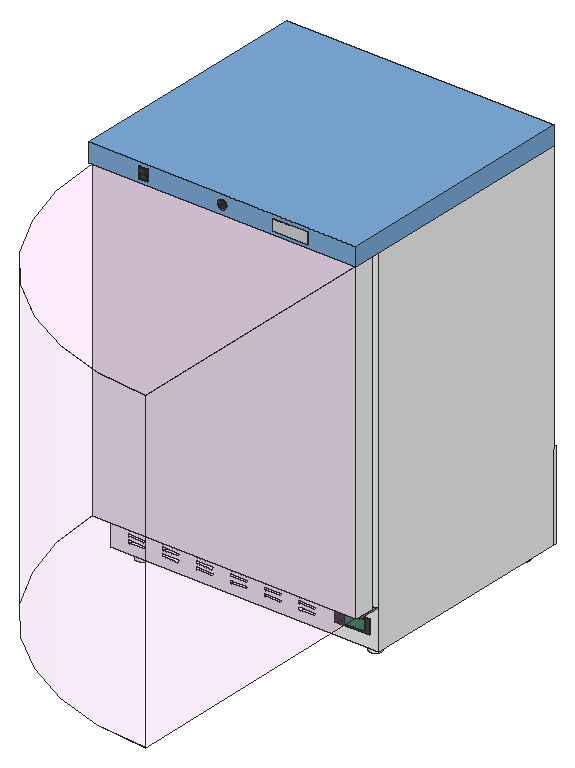
Revit family "QF_Summit_ACR51W_24_Wide_Built-In_Healthcare_Refrigerator", category Specialty Equipment, Revit 2020
Family settings
  Round Connector Dimension = Use Diameter
  Part Type = Normal
  Work Plane-Based = No
  Always vertical = Yes
  Cut with Voids When Loaded = No
  Shared = No
  Room Calculation Point = No
Parameters
  Weight in Pounds = 81.6
  Watts = Volts * FL Amps  # 230 W
  Volts = 115 V
  URL Cutsheet = ""
  Specification by User = ""
  Specification by Manufacturer = ""
  Show Right Hand Door [instance] = yes
  Show Left Hand Door [instance] = not(Show Right Hand Door)  # no
  Show Clearance [instance] = yes
  Serial Number = ""
  Seismic Rating = ""
  SMACNA No = ""
  Revision Code = ""
  Refrigerant Type = "R600a"
  Phase = 1
  Number of Poles = 1
  NAFEM Spec ID Number = ""
  Model = "ACR51W"
  Min Ckt Ampacity = 0 A
  Max Overcurrent Protection = 0 A
  Masterspec = ""
  Manufacturer = "Summit"
  Length = 23 1/2"
  Item Number = ""
  Installed By = ""
  Identify Quantity as Lot = yes
  Height = 34"
  HP = ""
  Furnished By = ""
  Foodservice Equipment Identifier = yes
  FL Amps = 2 A
  Electrical Remarks = ""
  Electric Connection Type = ""
  Elec Conn RI Height = 0"
  Elec Conn Connection Height = 0"
  Description = "24\" Wide Built-In Healthcare Refrigerator"
  Depth = 21.88"
  Default Elevation = 0"
  Cycle = 60 Hz
  Conn Plug = ""
  Conn Conduit = yes
  CSI MasterFormat = ""
  Apparent Power = 0 VA
Reference planes (in)
  plane 1 "BACK": y = 0
  plane 2: z = 0
  plane 3 "LEFT": x = 0
  plane 4 "RIGHT": x = 23.5
  plane 5 "FRONT": y = -21.88
  plane 6 "TOP": z = 34
  plane 7 "Center Y": x = 11.75
  plane 8 "Center X": y = -10.94
  plane 9: z = 1
Forms (in)
  Revolve 1, solid, material "QF_Metallic_Paint_White_Smooth"
    sketch origin (0, -1.5, 0) x (0, 0, -1) y (1, 0, 0)
      loop
        line (-1, 1.5) -> (-1, 1) -> (0, 1) -> (0, 1.5) -> (-1, 1.5)
      axis (-1, 1.5) -> (0, 1.5)
    angle from 0 to 360
  Revolve 2, solid, material "QF_Metallic_Paint_White_Smooth"
    sketch origin (0, -17.875, 0) x (0, 0, -1) y (-1, 0, 0)
      loop
        line (-1, -1.5) -> (0, -1.5) -> (0, -1) -> (-1, -1) -> (-1, -1.5)
      axis (-1, -1.5) -> (0, -1.5)
    angle from 0 to 360
  Revolve 3, solid, material "QF_Metallic_Paint_White_Smooth"
    sketch origin (18.75, -1.5, 0) x (0, 0, -1) y (1, 0, 0)
      loop
        line (-1, 3.25) -> (0, 3.25) -> (0, 3.75) -> (-1, 3.75) -> (-1, 3.25)
      axis (-1, 3.25) -> (0, 3.25)
    angle from 0 to 360
  Extrusion 4, solid, material "QF_Metallic_Paint_Black_Smooth"
    sketch origin (23.5, -21.875, 34) x (-1, 0, 0) y (0, 0, -1)
      loop
        line (19, 0.3125) -> (19, 1.3125) -> (18.25, 1.3125) -> (18.25, 0.3125) -> (19, 0.3125)
      loop
        line (18.9375, 1.25) -> (18.3125, 1.25) -> (18.3125, 0.375) -> (18.9375, 0.375) -> (18.9375, 1.25)
    from 0 to 0.06944
  Extrusion 5, solid, material "QF_Metal_Stainless_Polished"
    sketch origin (25.875, -21.875, 34.375) x (-1, 0, 0) y (0, 0, -1)
      loop
        circle (14.125, 1.1875) r 0.375
      loop
        circle (14.125, 1.1875) r 0.33622
    from 0 to 0.03125
  Extrusion 6, solid, material "QF_Metallic_Paint_Black_Smooth"
    sketch origin (25.875, -21.875, 34.375) x (-1, 0, 0) y (0, 0, -1)
      loop
        circle (14.125, 1.1875) r 0.33622
      loop
        circle (14.125, 1.1875) r 0.07983
    from 0 to 0.03125
  Extrusion 7, solid, material "QF_Metallic_Paint_Black_Smooth"
    sketch origin (4.5625, -21.875, 32.25) x (0, 0, 1) y (0, -1, 0)
      loop
        arc (1.375, 0.12309) -> (1.36283, 0.15087) -> (1.33417, 0.16076) r 0.03779
        line (1.33417, 0.16076) -> (0.94703, 0.12948)
        arc (0.94703, 0.12948) -> (0.94158, 0.11472) -> (0.92712, 0.10851) r 0.01994
        line (0.92712, 0.10851) -> (0.53125, 0.10851)
        arc (0.53125, 0.10851) -> (0.50915, 0.09935) -> (0.5, 0.07726) r 0.03125
        line (0.5, 0.07726) -> (0.5, 0) -> (1.375, 0) -> (1.375, 0.12309)
    from 0 to 0.625
  Revolve 8, solid, material "QF_Metallic_Paint_White_Smooth"
    sketch origin (18.75, -17.875, 0) x (0, 0, -1) y (-1, 0, 0)
      loop
        line (-1, -3.25) -> (-1, -3.75) -> (0, -3.75) -> (0, -3.25) -> (-1, -3.25)
      axis (-1, -3.25) -> (0, -3.25)
    angle from 0 to 360
  Extrusion 9, solid, material "QF_Metal_Stainless_Polished"
    sketch origin (25.875, -21.875, 34.375) x (-1, 0, 0) y (0, 0, -1)
      loop
        circle (14.125, 1.1875) r 0.07983
    from 0 to 0.03125
  Extrusion 10, solid, material "QF_Plastic_Light_Blue_Smooth"
    sketch origin (-38.39759, -180, 34) x (-1, 0, 0) y (0, -1, 0)
      loop
        line (-38.39759, -158.12) -> (-61.89759, -158.12) -> (-61.89759, -179.875) -> (-38.39759, -179.875) -> (-38.39759, -158.12)
    from 0 to -1.625
  Extrusion 11, solid
    sketch origin (0, -21.88, 35.625) x (1, 0, 0) y (0, 0, 1)
      loop
        line (16.25, -1.9375) -> (16.25, -2.9375) -> (19.25, -2.9375) -> (19.25, -1.9375) -> (16.25, -1.9375)
    from 0 to 0.03125
  Extrusion 12, solid, material "QF_Plastic_White_Smooth"
    sketch origin (0, 0, 0) x (0, 1, 0) y (0, 0, 1)
      loop
        line (-19.38, 32.375) -> (-19.38, 1) -> (-0.125, 1) -> (-0.125, 32.375) -> (-19.38, 32.375)
    from 0 to 23.5
  Extrusion 13, void
    sketch origin (0, -19.38, 1) x (0, 0, -1) y (-1, 0, 0)
      loop
        arc (-2.631, -2.875) -> (-2.506, -3) -> (-2.381, -2.875) r 0.125
        line (-2.381, -2.875) -> (-2.381, -1.625)
        arc (-2.381, -1.625) -> (-2.506, -1.5) -> (-2.631, -1.625) r 0.125
        line (-2.631, -1.625) -> (-2.631, -2.875)
      loop
        arc (-2.127, -2.875) -> (-2.002, -3) -> (-1.877, -2.875) r 0.125
        line (-1.877, -2.875) -> (-1.877, -1.625)
        arc (-1.877, -1.625) -> (-2.002, -1.5) -> (-2.127, -1.625) r 0.125
        line (-2.127, -1.625) -> (-2.127, -2.875)
      loop
        arc (-1.623, -2.875) -> (-1.498, -3) -> (-1.373, -2.875) r 0.125
        line (-1.373, -2.875) -> (-1.373, -1.625)
        arc (-1.373, -1.625) -> (-1.498, -1.5) -> (-1.623, -1.625) r 0.125
        line (-1.623, -1.625) -> (-1.623, -2.875)
      loop
        arc (-1.121, -2.875) -> (-0.996, -3) -> (-0.871, -2.875) r 0.125
        line (-0.871, -2.875) -> (-0.871, -1.625)
        arc (-0.871, -1.625) -> (-0.996, -1.5) -> (-1.121, -1.625) r 0.125
        line (-1.121, -1.625) -> (-1.121, -2.875)
      loop
        arc (-2.631, -5.875) -> (-2.506, -6) -> (-2.381, -5.875) r 0.125
        line (-2.381, -5.875) -> (-2.381, -4.625)
        arc (-2.381, -4.625) -> (-2.506, -4.5) -> (-2.631, -4.625) r 0.125
        line (-2.631, -4.625) -> (-2.631, -5.875)
      loop
        arc (-2.127, -5.875) -> (-2.002, -6) -> (-1.877, -5.875) r 0.125
        line (-1.877, -5.875) -> (-1.877, -4.625)
        arc (-1.877, -4.625) -> (-2.002, -4.5) -> (-2.127, -4.625) r 0.125
        line (-2.127, -4.625) -> (-2.127, -5.875)
      loop
        arc (-1.623, -5.875) -> (-1.498, -6) -> (-1.373, -5.875) r 0.125
        line (-1.373, -5.875) -> (-1.373, -4.625)
        arc (-1.373, -4.625) -> (-1.498, -4.5) -> (-1.623, -4.625) r 0.125
        line (-1.623, -4.625) -> (-1.623, -5.875)
      loop
        arc (-1.121, -5.875) -> (-0.996, -6) -> (-0.871, -5.875) r 0.125
        line (-0.871, -5.875) -> (-0.871, -4.625)
        arc (-0.871, -4.625) -> (-0.996, -4.5) -> (-1.121, -4.625) r 0.125
        line (-1.121, -4.625) -> (-1.121, -5.875)
      loop
        arc (-2.631, -8.875) -> (-2.506, -9) -> (-2.381, -8.875) r 0.125
        line (-2.381, -8.875) -> (-2.381, -7.625)
        arc (-2.381, -7.625) -> (-2.506, -7.5) -> (-2.631, -7.625) r 0.125
        line (-2.631, -7.625) -> (-2.631, -8.875)
      loop
        arc (-2.127, -8.875) -> (-2.002, -9) -> (-1.877, -8.875) r 0.125
        line (-1.877, -8.875) -> (-1.877, -7.625)
        arc (-1.877, -7.625) -> (-2.002, -7.5) -> (-2.127, -7.625) r 0.125
        line (-2.127, -7.625) -> (-2.127, -8.875)
      loop
        arc (-1.623, -8.875) -> (-1.498, -9) -> (-1.373, -8.875) r 0.125
        line (-1.373, -8.875) -> (-1.373, -7.625)
        arc (-1.373, -7.625) -> (-1.498, -7.5) -> (-1.623, -7.625) r 0.125
        line (-1.623, -7.625) -> (-1.623, -8.875)
      loop
        arc (-1.121, -8.875) -> (-0.996, -9) -> (-0.871, -8.875) r 0.125
        line (-0.871, -8.875) -> (-0.871, -7.625)
        arc (-0.871, -7.625) -> (-0.996, -7.5) -> (-1.121, -7.625) r 0.125
        line (-1.121, -7.625) -> (-1.121, -8.875)
      loop
        arc (-2.631, -11.875) -> (-2.506, -12) -> (-2.381, -11.875) r 0.125
        line (-2.381, -11.875) -> (-2.381, -10.625)
        arc (-2.381, -10.625) -> (-2.506, -10.5) -> (-2.631, -10.625) r 0.125
        line (-2.631, -10.625) -> (-2.631, -11.875)
      loop
        arc (-2.127, -11.875) -> (-2.002, -12) -> (-1.877, -11.875) r 0.125
        line (-1.877, -11.875) -> (-1.877, -10.625)
        arc (-1.877, -10.625) -> (-2.002, -10.5) -> (-2.127, -10.625) r 0.125
        line (-2.127, -10.625) -> (-2.127, -11.875)
      loop
        arc (-1.623, -11.875) -> (-1.498, -12) -> (-1.373, -11.875) r 0.125
        line (-1.373, -11.875) -> (-1.373, -10.625)
        arc (-1.373, -10.625) -> (-1.498, -10.5) -> (-1.623, -10.625) r 0.125
        line (-1.623, -10.625) -> (-1.623, -11.875)
      loop
        arc (-1.121, -11.875) -> (-0.996, -12) -> (-0.871, -11.875) r 0.125
        line (-0.871, -11.875) -> (-0.871, -10.625)
        arc (-0.871, -10.625) -> (-0.996, -10.5) -> (-1.121, -10.625) r 0.125
        line (-1.121, -10.625) -> (-1.121, -11.875)
      loop
        arc (-2.631, -14.875) -> (-2.506, -15) -> (-2.381, -14.875) r 0.125
        line (-2.381, -14.875) -> (-2.381, -13.625)
        arc (-2.381, -13.625) -> (-2.506, -13.5) -> (-2.631, -13.625) r 0.125
        line (-2.631, -13.625) -> (-2.631, -14.875)
      loop
        arc (-2.127, -14.875) -> (-2.002, -15) -> (-1.877, -14.875) r 0.125
        line (-1.877, -14.875) -> (-1.877, -13.625)
        arc (-1.877, -13.625) -> (-2.002, -13.5) -> (-2.127, -13.625) r 0.125
        line (-2.127, -13.625) -> (-2.127, -14.875)
      loop
        arc (-1.623, -14.875) -> (-1.498, -15) -> (-1.373, -14.875) r 0.125
        line (-1.373, -14.875) -> (-1.373, -13.625)
        arc (-1.373, -13.625) -> (-1.498, -13.5) -> (-1.623, -13.625) r 0.125
        line (-1.623, -13.625) -> (-1.623, -14.875)
      loop
        arc (-1.121, -14.875) -> (-0.996, -15) -> (-0.871, -14.875) r 0.125
        line (-0.871, -14.875) -> (-0.871, -13.625)
        arc (-0.871, -13.625) -> (-0.996, -13.5) -> (-1.121, -13.625) r 0.125
        line (-1.121, -13.625) -> (-1.121, -14.875)
      loop
        arc (-2.631, -17.875) -> (-2.506, -18) -> (-2.381, -17.875) r 0.125
        line (-2.381, -17.875) -> (-2.381, -16.625)
        arc (-2.381, -16.625) -> (-2.506, -16.5) -> (-2.631, -16.625) r 0.125
        line (-2.631, -16.625) -> (-2.631, -17.875)
      loop
        arc (-2.127, -17.875) -> (-2.002, -18) -> (-1.877, -17.875) r 0.125
        line (-1.877, -17.875) -> (-1.877, -16.625)
        arc (-1.877, -16.625) -> (-2.002, -16.5) -> (-2.127, -16.625) r 0.125
        line (-2.127, -16.625) -> (-2.127, -17.875)
      loop
        arc (-1.623, -17.875) -> (-1.498, -18) -> (-1.373, -17.875) r 0.125
        line (-1.373, -17.875) -> (-1.373, -16.625)
        arc (-1.373, -16.625) -> (-1.498, -16.5) -> (-1.623, -16.625) r 0.125
        line (-1.623, -16.625) -> (-1.623, -17.875)
      loop
        arc (-1.121, -17.875) -> (-0.996, -18) -> (-0.871, -17.875) r 0.125
        line (-0.871, -17.875) -> (-0.871, -16.625)
        arc (-0.871, -16.625) -> (-0.996, -16.5) -> (-1.121, -16.625) r 0.125
        line (-1.121, -16.625) -> (-1.121, -17.875)
    from 0 to 0.35785
  Extrusion 14, solid, material "QF_Plastic_White_Smooth"
    sketch origin (0, -19.875, 5) x (1, 0, 0) y (0, -1, 0)
      loop
        line (0.625, 0.005) -> (0.625, -0.495) -> (22.875, -0.495) -> (22.875, 0.005) -> (0.625, 0.005)
    from 0 to -26.75
  Extrusion 15, solid, material "QF_Plastic_White_Smooth"
    sketch origin (0, 0, 0) x (0, 1, 0) y (0, 0, 1)
      loop
        line (-0.125, 8.75) -> (-0.125, 1) -> (0, 1) -> (0, 8.75) -> (-0.125, 8.75)
    from 0 to 23.5
  Extrusion 16, solid, material "QF_Metallic_Paint_Black_Smooth"
    sketch origin (0, -19.38, 1) x (0, 0, 1) y (-1, 0, 0)
      loop
        line (2.32145, -19.70156) -> (1.07145, -19.70156) -> (1.07145, -22.70156) -> (2.32145, -22.70156) -> (2.32145, -19.70156)
    from 0 to 0.03125
  Extrusion 17, solid, material "QF_Plastic_Kentucky_Green"
    sketch origin (0, -19.41125, 1) x (0, 0, 1) y (-1, 0, 0)
      loop
        line (2.16734, -20.52786) -> (1.24436, -20.52786) -> (1.24436, -22.27786) -> (2.16734, -22.27786) -> (2.16734, -20.52786)
    from 0 to 0.03125
  Extrusion 18, solid, material "QF_Metal_Stainless_Polished"
    sketch origin (0, 0, 8.75) x (0, 0, -1) y (-1, 0, 0)
      loop
        circle (6.82735, -22.41558) r 0.25
    from 0 to 0.03125
Cuts and joins
  Extrusion 13 cuts Extrusion 12
Lines and regions (in)
  Split face 1
    outline origin (0, -21.91125, 35.625) x (1, 0, 0) y (0, 0, 1)
      loop
        line (17.42277, -2.10605) -> (17.42277, -2.76006) -> (18.73726, -2.76006) -> (18.73726, -2.10605) -> (17.42277, -2.10605)
  model lines, style "DRW1"
    curve 1: line (0, -21.88, 32.375) -> (0, -21.88, 34)
  symbolic lines
    curve 2: line (0, 0, 0) -> (23.5, 0, 0)
    curve 3: line (0, -21.88, 0) -> (0, 0, 0)
    curve 4: line (23.5, 0, 0) -> (23.5, -21.88, 0)
    curve 5: line (23.5, -0.125, 0) -> (0, -0.125, 0)
    curve 6: line (4.5, -21.88, 0) -> (4.5, -21.94444, 0)
    curve 7: line (4.5, -21.94444, 0) -> (5.25, -21.94444, 0)
    curve 8: line (4.5625, -22.03589, 0) -> (4.5625, -21.94444, 0)
    curve 9: line (4.5625, -22.03589, 0) -> (5.1875, -22.03589, 0)
    curve 10: line (5.1875, -21.94444, 0) -> (5.1875, -22.03589, 0)
    curve 11: line (5.25, -21.94444, 0) -> (5.25, -21.88, 0)
    curve 12: line (11.375, -21.90625, 0) -> (11.375, -21.88, 0)
    curve 13: line (11.375, -21.90625, 0) -> (12.125, -21.90625, 0)
    curve 14: line (12.125, -21.90625, 0) -> (12.125, -21.88, 0)
    curve 15: line (23.5, -21.88, 0) -> (0, -21.88, 0)
    curve 16: line (16.25, -21.88, 0) -> (16.25, -21.91125, 0)
    curve 17: line (16.25, -21.91125, 0) -> (19.25, -21.91125, 0)
    curve 18: line (19.25, -21.91125, 0) -> (19.25, -21.88, 0)
Dimensions and locks (in)
  equal spacing: plane 3 "LEFT", plane 7 "Center Y", plane 4 "RIGHT"
  "Length": plane 3 "LEFT" to plane 4 "RIGHT"
  equal spacing: plane 5 "FRONT", plane 8 "Center X", plane 1 "BACK"
  "Depth": plane 5 "FRONT" to plane 1 "BACK"
  "Height": plane 6 "TOP" to level
  aligned and locked: level to plane 2
Automatic sketch dimensions
  curve 1 to plane 5 "FRONT" = 0"
  curve 1 to plane 6 "TOP" = 0"
  curve 1 to curve 1 = 1 5/8"
  Revolve 1 sketch curve to plane 9 = 0"  (x2)
  Revolve 1 sketch curve to level = 0"
  plane 3 "LEFT" to Revolve 1 sketch curve = 1"
  Revolve 1 sketch curve to Revolve 1 sketch curve = 1/2"
  Revolve 1 sketch curve to Revolve 1 sketch curve = 1/4"
  Revolve 1 sketch curve to Revolve 1 sketch curve = 0"
  Revolve 2 sketch curve to plane 9 = 0"  (x2)
  Revolve 2 sketch curve to level = 0"
  plane 3 "LEFT" to Revolve 2 sketch curve = 1 1/2"
  Revolve 2 sketch curve to Revolve 2 sketch curve = 1/2"
  Revolve 2 sketch curve to Revolve 2 sketch curve = 1/4"
  Revolve 2 sketch curve to Revolve 2 sketch curve = 0"
  Revolve 3 sketch curve to plane 9 = 0"  (x2)
  Revolve 3 sketch curve to level = 0"
  Revolve 3 sketch curve to plane 9 = 1/4"
  Revolve 3 sketch curve to Revolve 3 sketch curve = 0"
  Extrusion 4 sketch curve to plane 6 "TOP" = 5/16"
  plane 3 "LEFT" to Extrusion 4 sketch curve = 5 1/4"
  Extrusion 4 sketch curve to Extrusion 4 sketch curve = 1/16"  (x4)
  Extrusion 4 sketch curve to Extrusion 4 sketch curve = 5/8"
  Extrusion 4 sketch curve to Extrusion 4 sketch curve = 7/8"
  Extrusion 5 sketch curve to Extrusion 5 sketch curve = 0"  (x2)
  Extrusion 5 sketch curve to plane 7 "Center Y" = 0"
  Extrusion 5 sketch curve to plane 6 "TOP" = 13/16"
  Extrusion 6 sketch curve to Extrusion 6 sketch curve = 0"  (x2)
  Extrusion 6 sketch curve to plane 7 "Center Y" = 0"
  Extrusion 6 sketch curve to plane 6 "TOP" = 13/16"
  Extrusion 7 sketch curve to Extrusion 4 = 0"  (x2)
  Extrusion 4 to Extrusion 7 sketch curve = 0"
  Extrusion 4 to Extrusion 7 sketch curve = 1/32"
  Extrusion 7 sketch curve to Extrusion 4 = 0.059"
  Extrusion 7 sketch curve to Extrusion 7 sketch curve = 0.39587"
  Extrusion 7 sketch curve to Extrusion 4 = 0.06004"
  Extrusion 7 sketch curve to Extrusion 7 sketch curve = 0.01991"
  Extrusion 4 to Extrusion 7 sketch curve = 0.04083"
  Extrusion 7 sketch curve to Extrusion 7 sketch curve = 0.00304"
  Extrusion 7 sketch curve to Extrusion 4 = 0.05365"
  Revolve 8 sketch curve to plane 9 = 0"  (x2)
  Revolve 8 sketch curve to level = 0"
  Revolve 8 sketch curve to Revolve 8 sketch curve = 1/4"
  Revolve 8 sketch curve to Revolve 8 sketch curve = 0"
  Extrusion 9 sketch curve to plane 7 "Center Y" = 0"
  Extrusion 9 sketch curve to plane 6 "TOP" = 13/16"
  Extrusion 10 sketch curve to plane 4 "RIGHT" = 0"
  Extrusion 10 sketch curve to plane 3 "LEFT" = 0"
  plane 5 "FRONT" to Extrusion 10 sketch curve = 0"
  plane 1 "BACK" to Extrusion 10 sketch curve = 1/8"
  Extrusion 10 to Extrusion 11 sketch curve = 5/16"  (x2)
  Extrusion 10 to Extrusion 11 sketch curve = 7 1/4"
  Extrusion 11 sketch curve to Extrusion 11 sketch curve = 3"
  Extrusion 12 sketch curve to plane 9 = 0"
  Extrusion 12 sketch curve to plane 5 "FRONT" = 2 1/2"
  plane 1 "BACK" to Extrusion 12 sketch curve = 1/8"
  Extrusion 12 sketch curve to plane 6 "TOP" = 1 5/8"
  Extrusion 12 to Extrusion 13 sketch curve = 2.631"  (x5)
  Extrusion 13 sketch curve to Extrusion 13 sketch curve = 0"  (x37)
  Extrusion 13 sketch curve to Extrusion 13 sketch curve = 1/8"  (x24)
  Extrusion 13 sketch curve to Extrusion 13 sketch curve = 0.254"  (x12)
  Extrusion 13 sketch curve to Extrusion 13 sketch curve = 0.252"  (x6)
  Extrusion 13 sketch curve to Extrusion 12 = 5 5/8"
  Extrusion 13 sketch curve to Extrusion 13 sketch curve = 1 1/4"  (x6)
  Extrusion 13 sketch curve to Extrusion 13 sketch curve = 1 3/4"  (x5)
  plane 3 "LEFT" to Extrusion 14 sketch curve = 5/8"
  Extrusion 14 sketch curve to plane 5 "FRONT" = 2"
  Extrusion 14 sketch curve to Extrusion 14 sketch curve = 1/2"
  Extrusion 15 sketch curve to plane 9 = 0"
  Extrusion 15 sketch curve to plane 1 "BACK" = 0"
  Extrusion 15 sketch curve to Extrusion 15 sketch curve = 1/8"
  Extrusion 15 sketch curve to Extrusion 15 sketch curve = 7 3/4"
  Split face 1 sketch curve to Extrusion 11 = 0.17744"
  Split face 1 sketch curve to Extrusion 11 = 1.17277"
  Split face 1 sketch curve to Extrusion 11 = 0.16855"
  Split face 1 sketch curve to Extrusion 11 = 0.51274"
  Extrusion 16 sketch curve to Extrusion 12 = 1.07145"
  Extrusion 16 sketch curve to Extrusion 16 sketch curve = 1 1/4"
  Extrusion 12 to Extrusion 16 sketch curve = 0.79844"
  Extrusion 16 sketch curve to Extrusion 16 sketch curve = 3"
  Extrusion 17 sketch curve to Extrusion 16 = 0.17291"
  Extrusion 17 sketch curve to Extrusion 16 = 0.15411"
  Extrusion 17 sketch curve to Extrusion 16 = 0.4237"
  Extrusion 17 sketch curve to Extrusion 16 = 0.8263"
  Extrusion 15 to Extrusion 18 sketch curve = 0.92265"
  Extrusion 15 to Extrusion 18 sketch curve = 1.08442"
  plane 4 "RIGHT" to Revolve 3 sketch curve = 1 1/2"
  Revolve 3 sketch curve to Revolve 3 sketch curve = 1/2"
  plane 4 "RIGHT" to Revolve 8 sketch curve = 1"
  Revolve 8 sketch curve to Revolve 8 sketch curve = 1/2"
  plane 4 "RIGHT" to Extrusion 14 sketch curve = 5/8"
  plane 1 "BACK" to curve 2 = 0"
  curve 2 to plane 3 "LEFT" = 0"
  plane 5 "FRONT" to curve 6 = 0"
  curve 5 to plane 4 "RIGHT" = 0"
  plane 5 "FRONT" to curve 7 = 0.06444"
  plane 3 "LEFT" to curve 7 = 4 1/2"
  curve 6 to curve 9 = 1/16"
  plane 5 "FRONT" to curve 9 = 0.15589"
  curve 8 to curve 9 = 5/8"
  curve 10 to curve 7 = 1/16"
  plane 5 "FRONT" to curve 12 = 0.02625"
  curve 12 to plane 7 "Center Y" = 3/8"
  plane 7 "Center Y" to curve 14 = 3/8"
  plane 5 "FRONT" to curve 16 = 1/32"
  curve 13 to curve 16 = 4 1/8"
  curve 16 to curve 17 = 3"
  plane 1 "BACK" to curve 5 = 1/8"
  radius of Extrusion 5 sketch curve = 3/8"
  radius of Extrusion 5 sketch curve = 0.33622"
  radius of Extrusion 6 sketch curve = 0.33622"
  radius of Extrusion 6 sketch curve = 0.07983"
  radius of Extrusion 9 sketch curve = 0.07983"
  radius of Extrusion 18 sketch curve = 1/4"
Nested families (in)
  nested 1: "RHD AND LHD" at (0.125, -19.875, 2.4975), Show Clearance <- "Show Clearance", Show Left Hand Door <- "Show Left Hand Door", Show Right Hand Door <- "Show Right Hand Door", type "RHD AND LHD"
    with Show Right Hand Door yes, Show Left Hand Door no, Show Clearance yes, Right Hand Door yes, Left Hand Door no, Clearance yes
Connectors (in)
  electrical at (22.41558, 0.03125, 1.92265), driven by "Volts", driven by "Watts"
    settings: on Extrusion 18, index 1, voltage 115 V, apparent load 230 VA, apparent load phase1 0 VA, apparent load phase2 0 VA, apparent load phase3 0 VA, power factor 1, load classification "Other", number of poles 1, system type 30, power factor state 1, is connector primary yes, connector utility no, sub classification motor no, connector description "ELECTRICAL CONNECTION"
Definition of nested family "RHD AND LHD"
  Parameters (values of type "RHD AND LHD")
    Weight in Pounds = 0
    URL Cutsheet = ""
    Specification by User = ""
    Specification by Manufacturer = ""
    Show Right Hand Door [instance] = yes
    Show Left Hand Door [instance] = yes
    Show Clearance [instance] = yes
    Serial Number = ""
    Seismic Rating = ""
    SMACNA No = ""
    Right Hand Door [instance] = Show Right Hand Door  # yes
    Revision Code = ""
    NAFEM Spec ID Number = ""
    Masterspec = ""
    Length = 23 1/4"
    Left Hand Door [instance] = Show Left Hand Door  # yes
    Item Number = ""
    Installed By = ""
    Identify Quantity as Lot = yes
    Height = 34"
    Furnished By = ""
    Foodservice Equipment Identifier = yes
    Depth = 1 3/4"
    Default Elevation = 0"
    Clearance [instance] = Show Clearance  # yes
    CSI MasterFormat = ""
  Reference planes (in)
    plane 1 "BACK": y = 0
    plane 2: z = 0
    plane 3 "LEFT": x = 0
    plane 4 "RIGHT": x = 23.25
    plane 5 "FRONT": y = -1.75
    plane 6 "TOP": z = 34
    plane 7 "Center Y": x = 11.625
    plane 8 "Center X": y = -0.875
  Dimensions and locks (in)
    equal spacing: plane 3 "LEFT", plane 7 "Center Y", plane 4 "RIGHT"
    "Length": plane 3 "LEFT" to plane 4 "RIGHT"
    equal spacing: plane 5 "FRONT", plane 8 "Center X", plane 1 "BACK"
    "Depth": plane 5 "FRONT" to plane 1 "BACK"
    "Height": plane 6 "TOP" to level
    aligned and locked: level to plane 2
  Nested families (in)
    nested 1: "RHD" at (0, 0, 0), Show Clearance <- "Show Clearance", Show Right Hand Door <- "Right Hand Door", visible <- "Right Hand Door", type "RHD"
      with Show Right Hand Door yes, Show Clearance yes, Right Hand Door yes, Clearance yes
    nested 2: "LHD" at (0, 0, 0), Show Clearance <- "Show Clearance", Show Left Hand Door <- "Left Hand Door", visible <- "Left Hand Door", type "LHD"
      with Show Left Hand Door yes, Show Clearance yes, Right Hand Door yes, Left Hand Door yes, Clearance yes
  Definition of nested family "RHD"
    Parameters (values of type "RHD")
      Weight in Pounds = 0
      URL Cutsheet = ""
      Specification by User = ""
      Specification by Manufacturer = ""
      Show Right Hand Door [instance] = yes
      Show Clearance [instance] = yes
      Serial Number = ""
      Seismic Rating = ""
      SMACNA No = ""
      Right Hand Door [instance] = Show Right Hand Door  # yes
      Revision Code = ""
      NAFEM Spec ID Number = ""
      Masterspec = ""
      Length = 23 1/4"
      Item Number = ""
      Installed By = ""
      Identify Quantity as Lot = yes
      Height = 34"
      Furnished By = ""
      Foodservice Equipment Identifier = yes
      Depth = 1 3/4"
      Default Elevation = 0"
      Clearance [instance] = Show Clearance  # yes
      CSI MasterFormat = ""
    Reference planes (in)
      plane 1 "BACK": y = 0
      plane 2: z = 0
      plane 3 "LEFT": x = 0
      plane 4 "RIGHT": x = 23.25
      plane 5 "FRONT": y = -1.75
      plane 6 "TOP": z = 34
      plane 7 "Center Y": x = 11.625
      plane 8 "Center X": y = -0.875
    Forms (in)
      Extrusion 1, solid, visible <- "Right Hand Door"
        sketch origin (-2.76448, -1.75, 48) x (-1, 0, 0) y (0, 0, 1)
          loop
            line (-2.82698, -18.24749) -> (-25.95198, -18.24749) -> (-25.95198, -45.9975) -> (-2.82698, -45.9975) -> (-2.82698, -18.24749)
        from 0 to 1.75
      Extrusion 2, solid, visible <- "Right Hand Door"
        sketch origin (0, -0.25, 4.00001) x (0, 1, 0) y (0, 0, 1)
          loop
            arc (0.125, 15.6275) -> (0.05178, 15.80428) -> (-0.125, 15.8775) r 0.25
            line (-0.125, 15.8775) -> (-1.125, 15.8775)
            arc (-1.125, 15.8775) -> (-1.30178, 15.80428) -> (-1.375, 15.6275) r 0.25
            line (-1.375, 15.6275) -> (-1.375, 8.1275)
            arc (-1.375, 8.1275) -> (-1.30178, 7.95072) -> (-1.125, 7.8775) r 0.25
            line (-1.125, 7.8775) -> (-0.125, 7.8775)
            arc (-0.125, 7.8775) -> (0.05178, 7.95072) -> (0.125, 8.1275) r 0.25
            line (0.125, 8.1275) -> (0.125, 15.6275)
          loop
            arc (-0.125, 15.12512) -> (-0.625, 15.62512) -> (-1.125, 15.12512) r 0.5
            line (-1.125, 15.12512) -> (-1.125, 8.6275)
            arc (-1.125, 8.6275) -> (-0.625, 8.1275) -> (-0.125, 8.6275) r 0.5
            line (-0.125, 8.6275) -> (-0.125, 15.12512)
        from 0 to 0.0625
      Extrusion 3, void
        sketch origin (0, -0.25, 4.00001) x (0, 1, 0) y (0, 0, 1)
          loop
            line (-0.125, 8.6275) -> (-0.125, 15.12512)
            arc (-0.125, 15.12512) -> (-0.625, 15.62512) -> (-1.125, 15.12512) r 0.5
            line (-1.125, 15.12512) -> (-1.125, 8.6275)
            arc (-1.125, 8.6275) -> (-0.625, 8.1275) -> (-0.125, 8.6275) r 0.5
        from 0 to 0.33876
      Extrusion 4, solid, visible <- "Clearance"
        sketch origin (23.1875, -1.75, 2.0025) x (0, 1, 0) y (1, 0, 0)
          loop
            line (0, -23.125) -> (0, 0) -> (-23.125, 0)
            arc (-23.125, 0) -> (-16.35184, -16.35184) -> (0, -23.125) r 23.125
        from 0 to -27.75001
      Revolve 5, solid, visible <- "Right Hand Door"
        sketch origin (22.75, -163.625, 18.75751) x (0, 0, 1) y (0, -1, 0)
          loop
            line (10.995, -162.75) -> (10.995, -163) -> (11.12, -163) -> (11.12, -162.75) -> (10.995, -162.75)
          axis (11.12, -162.75) -> (10.995, -162.75)
        angle from 0 to 360
      Extrusion 6, solid, visible <- "Right Hand Door"
        sketch origin (18.75, 0.5, 1.7525) x (-1, 0, 0) y (0, 0, -1)
          loop
            line (-3.5625, -0.15066) -> (-3.5625, -0.08986) -> (-4.4375, -0.08986) -> (-4.4375, -0.15066) -> (-3.5625, -0.15066)
        from 0 to 1.84933
      Revolve 7, solid, visible <- "Right Hand Door"
        sketch origin (22.75, -163.625, 2.0025) x (0, 0, 1) y (0, -1, 0)
          loop
            line (-0.09934, -162.75) -> (-0.09934, -163) -> (0, -163) -> (0, -162.75) -> (-0.09934, -162.75)
          axis (0, -162.75) -> (-0.09934, -162.75)
        angle from 0 to 360
    Cuts and joins
      Extrusion 3 cuts Extrusion 1
      Extrusion 3 cuts Extrusion 2
    Lines and regions (in)
      symbolic lines, visible <- "Clearance"
        curve 1: arc (3.26979, -13.49949, 0) -> (0.87873, -7.83969, 0) -> (0.0625, -1.75, 0) r 23.125
        curve 2: line (23.1875, -2, 0) -> (3.26979, -13.49949, 0)
    Dimensions and locks (in)
      equal spacing: plane 3 "LEFT", plane 7 "Center Y", plane 4 "RIGHT"
      "Length": plane 3 "LEFT" to plane 4 "RIGHT"
      equal spacing: plane 5 "FRONT", plane 8 "Center X", plane 1 "BACK"
      "Depth": plane 5 "FRONT" to plane 1 "BACK"
      "Height": plane 6 "TOP" to level
      aligned and locked: level to plane 2
    Automatic sketch dimensions
      plane 4 "RIGHT" to Extrusion 1 sketch curve = 1/16"
      plane 3 "LEFT" to Extrusion 1 sketch curve = 1/16"
      level to Extrusion 1 sketch curve = 2.0025"
      Extrusion 1 sketch curve to plane 6 "TOP" = 4.24749"
      Extrusion 2 sketch curve to Extrusion 2 sketch curve = 1/4"  (x3)
      Extrusion 2 sketch curve to Extrusion 2 sketch curve = 1/2"  (x3)
      Extrusion 2 sketch curve to Extrusion 2 sketch curve = 0"  (x2)
      level to Extrusion 2 sketch curve = 11.87751"
      Extrusion 2 sketch curve to Extrusion 2 sketch curve = 6.49762"
      Extrusion 2 sketch curve to Extrusion 2 sketch curve = 0.50238"
      Extrusion 3 sketch curve to Extrusion 3 sketch curve = 1/2"
      level to Extrusion 3 sketch curve = 12.62751"
      Extrusion 3 sketch curve to Extrusion 3 sketch curve = 6.49762"
      Extrusion 4 sketch curve to Extrusion 1 = 0"  (x2)
      Extrusion 1 to Extrusion 4 sketch curve = 0"
      Extrusion 2 sketch curve to plane 5 "FRONT" = 1/8"
      Extrusion 3 sketch curve to plane 5 "FRONT" = 3/8"
      Revolve 5 sketch curve to plane 8 "Center X" = 0"  (x2)
      Revolve 5 sketch curve to plane 6 "TOP" = 4.24749"
      Revolve 5 sketch curve to Revolve 5 sketch curve = 1/8"
      Revolve 5 sketch curve to Revolve 5 sketch curve = 1/4"
      Revolve 5 sketch curve to Revolve 5 sketch curve = 0.12972"
      Revolve 5 sketch curve to Revolve 5 sketch curve = 0"
      plane 4 "RIGHT" to Extrusion 6 sketch curve = 1/16"
      Extrusion 6 sketch curve to Extrusion 6 sketch curve = 7/8"
      level to Extrusion 6 sketch curve = 1.90316"
      Extrusion 6 sketch curve to Extrusion 6 sketch curve = 0.0608"
      Revolve 7 sketch curve to plane 8 "Center X" = 0"  (x2)
      level to Revolve 7 sketch curve = 1.90316"
      Revolve 7 sketch curve to Revolve 7 sketch curve = 0.09934"
      Revolve 7 sketch curve to Revolve 7 sketch curve = 1/4"
      Revolve 7 sketch curve to Revolve 7 sketch curve = 0.03038"
      Revolve 7 sketch curve to Revolve 7 sketch curve = 0"
      plane 5 "FRONT" to curve 1 = 0"
      plane 4 "RIGHT" to curve 1 = 1/16"
      plane 4 "RIGHT" to curve 2 = 1/16"
      plane 3 "LEFT" to curve 2 = 3.26979"
      plane 3 "LEFT" to curve 1 = 1/16"
      curve 2 to curve 1 = 1/4"
  Definition of nested family "LHD"
    Parameters (values of type "LHD")
      Weight in Pounds = 0
      URL Cutsheet = ""
      Specification by User = ""
      Specification by Manufacturer = ""
      Show Left Hand Door [instance] = yes
      Show Clearance [instance] = yes
      Serial Number = ""
      Seismic Rating = ""
      SMACNA No = ""
      Right Hand Door [instance] = yes
      Left Hand Door [instance] = Show Left Hand Door  # yes
      Revision Code = ""
      NAFEM Spec ID Number = ""
      Masterspec = ""
      Length = 23 1/4"
      Item Number = ""
      Installed By = ""
      Identify Quantity as Lot = yes
      Height = 34"
      Furnished By = ""
      Foodservice Equipment Identifier = yes
      Depth = 1 3/4"
      Default Elevation = 0"
      Clearance [instance] = Show Clearance  # yes
      CSI MasterFormat = ""
    Reference planes (in)
      plane 1 "BACK": y = 0
      plane 2: z = 0
      plane 3 "LEFT": x = 0
      plane 4 "RIGHT": x = 23.25
      plane 5 "FRONT": y = -1.75
      plane 6 "TOP": z = 34
      plane 7 "Center Y": x = 11.625
      plane 8 "Center X": y = -0.875
      plane 9: z = 1.84236
    Forms (in)
      Extrusion 1, solid, visible <- "Left Hand Door"
        sketch origin (-2.76448, -1.75, 48) x (-1, 0, 0) y (0, 0, 1)
          loop
            line (-2.82698, -18.24749) -> (-25.95198, -18.24749) -> (-25.95198, -45.9975) -> (-2.82698, -45.9975) -> (-2.82698, -18.24749)
        from 0 to 1.75
      Extrusion 2, solid, visible <- "Left Hand Door"
        sketch origin (23.1875, -1.75, 29.75251) x (0, 0, -1) y (0, 1, 0)
          loop
            arc (10.12501, 1.625) -> (9.94823, 1.55178) -> (9.87501, 1.375) r 0.25
            line (9.87501, 1.375) -> (9.87501, 0.375)
            arc (9.87501, 0.375) -> (9.94823, 0.19822) -> (10.12501, 0.125) r 0.25
            line (10.12501, 0.125) -> (17.62501, 0.125)
            arc (17.62501, 0.125) -> (17.80178, 0.19822) -> (17.87501, 0.375) r 0.25
            line (17.87501, 0.375) -> (17.87501, 1.375)
            arc (17.87501, 1.375) -> (17.80178, 1.55178) -> (17.62501, 1.625) r 0.25
            line (17.62501, 1.625) -> (10.12501, 1.625)
          loop
            arc (10.62739, 1.375) -> (10.12739, 0.875) -> (10.62739, 0.375) r 0.5
            line (10.62739, 0.375) -> (17.12501, 0.375)
            arc (17.12501, 0.375) -> (17.62501, 0.875) -> (17.12501, 1.375) r 0.5
            line (17.12501, 1.375) -> (10.62739, 1.375)
        from 0 to 0.0625
      Extrusion 3, solid, visible <- "Clearance"
        sketch origin (2.21303, -1.75, 2.0025) x (0, -1, 0) y (-1, 0, 0)
          loop
            line (0, 2.15053) -> (0, -20.97447)
            arc (0, -20.97447) -> (16.35184, -14.20131) -> (23.125, 2.15053) r 23.125
            line (23.125, 2.15053) -> (0, 2.15053)
        from 0 to -27.75001
      Extrusion 4, void
        sketch origin (23.1875, -1.75, 29.75251) x (0, 0, 1) y (0, 1, 0)
          loop
            arc (-10.62739, 0.375) -> (-10.12739, 0.875) -> (-10.62739, 1.375) r 0.5
            line (-10.62739, 1.375) -> (-17.12501, 1.375)
            arc (-17.12501, 1.375) -> (-17.62501, 0.875) -> (-17.12501, 0.375) r 0.5
            line (-17.12501, 0.375) -> (-10.62739, 0.375)
        from 0 to 0.68518
      Extrusion 5, solid, visible <- "Left Hand Door"
        sketch origin (1, 0.5, 1.7525) x (-1, 0, 0) y (0, 0, -1)
          loop
            line (0.9375, -0.15066) -> (0.9375, -0.08986) -> (0.0625, -0.08986) -> (0.0625, -0.15066) -> (0.9375, -0.15066)
        from 0 to 1.84933
      Revolve 6, solid, visible <- "Left Hand Door"
        sketch origin (0.5, -163.625, 2.0025) x (0, 0, 1) y (0, -1, 0)
          loop
            line (-0.09934, -162.75) -> (-0.09934, -163) -> (0, -163) -> (0, -162.75) -> (-0.09934, -162.75)
          axis (0, -162.75) -> (-0.09934, -162.75)
        angle from 0 to 360
      Revolve 7, solid, visible <- "Right Hand Door"
        sketch origin (0.5007, -163.625, 18.75742) x (0, 0, 1) y (0, 1, 0)
          loop
            line (10.99509, 162.75) -> (11.12, 162.75) -> (11.12, 163) -> (10.99509, 163) -> (10.99509, 162.75)
          axis (11.12, 162.75) -> (10.99509, 162.75)
        angle from 0 to 360
    Cuts and joins
      Extrusion 4 cuts Extrusion 1
    Lines and regions (in)
      symbolic lines, visible <- "Left Hand Door"
        curve 1: line (0.06419, -2.00098, 0) -> (19.98021, -13.49949, 0)
      symbolic lines
        curve 2: arc (23.1875, -1.75, 0) -> (22.37127, -7.83969, 0) -> (19.98021, -13.49949, 0) r 23.125
    Dimensions and locks (in)
      equal spacing: plane 3 "LEFT", plane 7 "Center Y", plane 4 "RIGHT"
      "Length": plane 3 "LEFT" to plane 4 "RIGHT"
      equal spacing: plane 5 "FRONT", plane 8 "Center X", plane 1 "BACK"
      "Depth": plane 5 "FRONT" to plane 1 "BACK"
      "Height": plane 6 "TOP" to level
      aligned and locked: level to plane 2
    Automatic sketch dimensions
      plane 4 "RIGHT" to Extrusion 1 sketch curve = 1/16"
      plane 3 "LEFT" to Extrusion 1 sketch curve = 1/16"
      Extrusion 1 sketch curve to plane 9 = 41/256"
      Extrusion 4 sketch curve to Extrusion 1 = 7/8"
      Extrusion 4 sketch curve to Extrusion 1 = 10 5/8"
      Extrusion 4 sketch curve to Extrusion 4 sketch curve = 6.49762"
      Extrusion 4 sketch curve to Extrusion 1 = 3/8"
      Extrusion 5 sketch curve to plane 9 = 0"
      Extrusion 5 sketch curve to plane 9 = 0.0608"
      plane 3 "LEFT" to Extrusion 5 sketch curve = 15/16"
      plane 3 "LEFT" to Extrusion 5 sketch curve = 1/16"
      Revolve 6 sketch curve to plane 8 "Center X" = 0"  (x2)
      Revolve 6 sketch curve to plane 9 = 0.0608"
      Revolve 6 sketch curve to Revolve 6 sketch curve = 0.09934"
      Revolve 6 sketch curve to Revolve 6 sketch curve = 1/4"
      Revolve 6 sketch curve to Revolve 6 sketch curve = 0.03038"
      Revolve 6 sketch curve to Revolve 6 sketch curve = 0"
      Revolve 7 sketch curve to plane 8 "Center X" = 0"  (x2)
      Revolve 7 sketch curve to Revolve 7 sketch curve = 1/4"
      Revolve 7 sketch curve to Revolve 7 sketch curve = 0.12972"
      Revolve 7 sketch curve to Revolve 7 sketch curve = 0"
      Extrusion 1 sketch curve to plane 6 "TOP" = 4.24749"
      Revolve 7 sketch curve to plane 6 "TOP" = 4.24749"
      Revolve 7 sketch curve to Revolve 7 sketch curve = 0.12491"
      plane 5 "FRONT" to Extrusion 3 sketch curve = 0"
      plane 3 "LEFT" to Extrusion 3 sketch curve = 1/16"
      Extrusion 3 sketch curve to Extrusion 3 sketch curve = 23 1/8"
      plane 3 "LEFT" to curve 1 = 0.06419"
      plane 4 "RIGHT" to curve 1 = 3.26979"
      plane 5 "FRONT" to curve 1 = 0.25098"
      plane 5 "FRONT" to curve 2 = 0"
      plane 3 "LEFT" to curve 2 = 1/16"
      plane 4 "RIGHT" to curve 2 = 1/16"
      Extrusion 1 to Extrusion 2 sketch curve = 3/8"  (x3)
      Extrusion 1 to Extrusion 2 sketch curve = 9 7/8"
      Extrusion 2 sketch curve to Extrusion 2 sketch curve = 1/4"  (x3)
      Extrusion 2 sketch curve to Extrusion 2 sketch curve = 0.50238"
      Extrusion 2 sketch curve to Extrusion 2 sketch curve = 6.49762"
      Extrusion 2 sketch curve to Extrusion 2 sketch curve = 1/2"  (x3)
